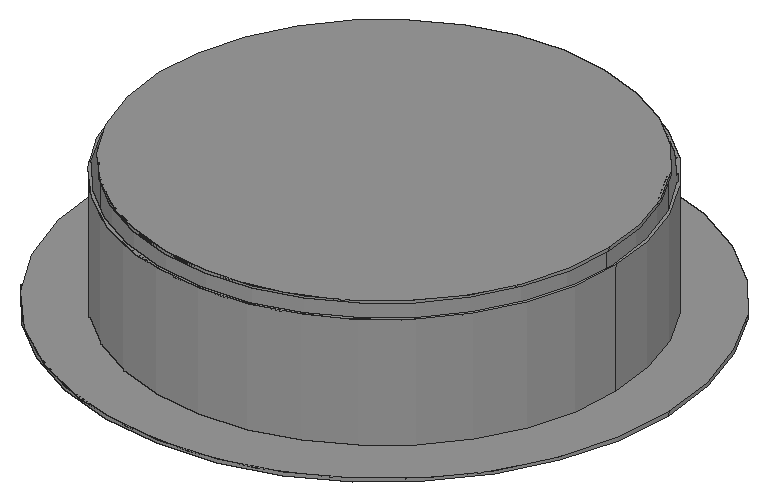
Revit family "Kassetten-Schalkörper_für_gescliffene_Estriche_Runde", category Generic Models, Revit 2015
Parameters (values of type "SK RK4R")
  URL = "http://www.obo-bettermann.com"
  Material = Steel, Galvanized
  Manufacturer Art.No. = "7404382"
  Manufacturer = "OBO Bettermann"
  GTIN = "4012196633944"
  Article Type = "SK RK4R"
Reference planes
  plane 1 "Center (Front/Back)": y = 0
  plane 2: z = 0
  plane 3 "Center (Left/Right)": x = 0
  plane 4: z = 1.5
  plane 5: z = 55
  plane 6: z = 60
  plane 7: z = 61
  plane 8: z = 41
Forms (mm)
  Extrusion 1, solid, material "Steel, Galvanized" <- "Material"
    sketch origin (0, 0, 0) x (1, 0, 0) y (0, 1, 0)
      loop
        circle (0, 0) r 135
      loop
        circle (0, 0) r 109
    from 0 to 1.5
  Extrusion 2, solid, material "Steel, Galvanized" <- "Material"
    sketch origin (0, 0, 0) x (1, 0, 0) y (0, 1, 0)
      loop
        circle (0, 0) r 110
      loop
        circle (0, 0) r 109
    from 1.5 to 55
  Extrusion 3, solid, material "Steel, Galvanized" <- "Material"
    sketch origin (0, 0, 0) x (1, 0, 0) y (0, 1, 0)
      loop
        circle (0, 0) r 106.5
    from 60 to 61
  Extrusion 4, solid, material "Steel, Galvanized" <- "Material"
    sketch origin (0, 0, 0) x (1, 0, 0) y (0, 1, 0)
      loop
        circle (0, 0) r 105.5
    from 41 to 60
Lines and regions (mm)
  reference lines
    curve 1: circle (0, 0, 0) r 135 normal (0, 0, 1)
    curve 2: circle (0, 0, 0) r 109 normal (0, 0, 1)
    curve 3: circle (0, 0, 0) r 110 normal (0, 0, 1)
    curve 4: circle (0, 0, 0) r 106.5 normal (0, 0, 1)
    curve 5: circle (0, 0, 0) r 105.5 normal (0, 0, 1)
Dimensions and locks
  level to plane 4 = 1.5 mm
  locked: level to plane 5 at 55
  locked: plane 6 to plane 7 at 1
  locked: plane 8 to plane 7 at 20
  locked: plane 5 to plane 6 at 5
  diameter of curve 1 = 270 mm
  diameter of curve 2 = 218 mm
  diameter of curve 4 = 213 mm
  aligned and locked: level to plane 2
  aligned and locked: Extrusion 1 sketch curve to curve 1
  aligned and locked: Extrusion 1 sketch curve to curve 2
  aligned and locked: Extrusion 1 to level
  aligned and locked: plane 4 to Extrusion 1
  aligned and locked: Extrusion 2 sketch curve to curve 3
  aligned and locked: Extrusion 2 sketch curve to curve 2
  aligned and locked: Extrusion 2 to plane 4
  aligned and locked: plane 5 to Extrusion 2
  aligned and locked: Extrusion 3 sketch curve to curve 4
  aligned and locked: Extrusion 3 to plane 6
  aligned and locked: plane 7 to Extrusion 3
  aligned and locked: Extrusion 4 sketch curve to curve 5
  aligned and locked: Extrusion 4 to plane 8
  aligned and locked: plane 6 to Extrusion 4
